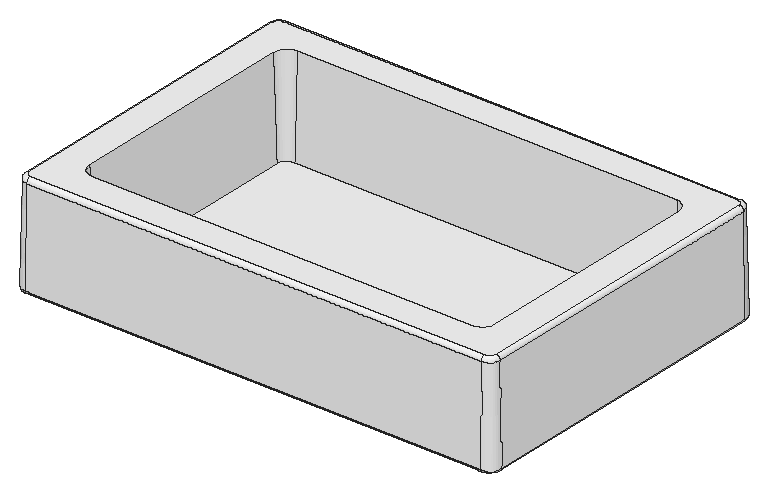
Revit family "NLRS_74_PF_UN_wastafel_S8VR1018000_SPHINX_BCB", category Plumbing Fixtures, Revit 2016
Family settings
  Part Type = Normal
  Round Connector Dimension = Use Radius
  OmniClass Number = 23.45.00.00
  OmniClass Title = Sanitary, Laundry, and Cleaning Equipment
  Work Plane-Based = No
  Always vertical = Yes
  Cut with Voids When Loaded = No
  Shared = No
  Room Calculation Point = No
Parameters
  NLRS_C_type = "Wastafel zonder kraangat en overloop"
  NLRS_C_serie = "300 Varicor"
  NLRS_C_revit_versie = "2016"
  NLRS_C_content_versie = "2.0"
  NLRS_C_content_provider = "BouwConnect"
  NLRS_C_content_datum_uitgifte = "APR-2018"
  NLRS_C_content_datum_gewijzigd = "APR-2018"
  NLRS_C_content_creator = "BouwConnect"
  NLRS_C_URL_product_data = "http://www.sphinx.nl/producten/wastafels-%7C-fonteinen/inbouwwastafels/sphinx-300-varicor-%7C-opzetwastafel-hc-574-cm/28476/"
  Waste Connection = yes
  WFU = 0
  URL = "http://www.sphinx.nl/"
  Type Comments = ""
  NLRS_S_gewicht = 13.00 kg
  NLRS_C_materiaal = none
  NLRS_C_lengte = 395 mm
  NLRS_C_hoogte = 122 mm
  NLRS_C_diameter_uit = 45 mm
  NLRS_C_diameter_in = 35 mm
  NLRS_C_breedte = 574 mm
  Model = "Varicor opbouwwastafel HC 57,4"  # constant formula
  Manufacturer = "Sphinx"  # constant formula
  Keynote = ""
  IfcTypeProduct = "IfcSanitaryTerminalType"
  IfcExportType = "SINK"
  IfcExportAs = "IfcSanitaryTerminalTypeEnum"
  IfcElement = "IfcFlowTerminal"
  NLRS_C_code_EAN = "8711754390522"
  Description = "wastafel"
  CWFU = 0
  NLRS_C_URL_BCB = "http://bcb-online.nl/?zoekterm=Sphinx+++%5bGeberit+B.V.%5d"
  Assembly Code = "47.11"
Reference planes
  plane 1 "Center (Front/Back)": y = 0
  plane 2: z = 0
  plane 3 "Center (Left/Right)": x = 0
Forms (mm)
  Sweep 1, solid, material "74_porcelein_wit", detail levels medium+fine
    path origin (0, 0, 0) x (1, 0, 0) y (0, 1, 0)
      loop
        arc (-287, -183) -> (-282.899, -192.899) -> (-273, -197) r 14
        line (-273, -197) -> (273, -197)
        arc (273, -197) -> (282.899, -192.899) -> (287, -183) r 14
        line (287, -183) -> (287, 183)
        arc (287, 183) -> (282.899, 192.899) -> (273, 197) r 14
        line (273, 197) -> (-273, 197)
        arc (-273, 197) -> (-282.899, 192.899) -> (-287, 183) r 14
        line (-287, 183) -> (-287, -183)
    profile origin (-287, 0, 0) x (-1, 0, 0) y (0, 0, 1)
      loop
        line (-13.911, 121.971) -> (-13.911, 0) -> (-1, 0)
        arc (-1, 0) -> (-0.287, 0.299) -> (0, 1.016) r 1
        line (0, 1.016) -> (-1.911, 117.053)
        arc (-1.911, 117.053) -> (-3.404, 120.535) -> (-6.911, 121.971) r 5
        line (-6.911, 121.971) -> (-13.911, 121.971)
  Extrusion 2, solid, material "74_porcelein_wit", detail levels medium+fine
    sketch origin (0, 0, 0) x (1, 0, 0) y (0, 1, 0)
      loop
        arc (-278.522, -183) -> (-276.904, -186.904) -> (-273, -188.522) r 5.522
        line (-273, -188.522) -> (273, -188.522)
        arc (273, -188.522) -> (276.904, -186.904) -> (278.522, -183) r 5.522
        line (278.522, -183) -> (278.522, 183)
        arc (278.522, 183) -> (276.904, 186.904) -> (273, 188.522) r 5.522
        line (273, 188.522) -> (-273, 188.522)
        arc (-273, 188.522) -> (-276.904, 186.904) -> (-278.522, 183) r 5.522
        line (-278.522, 183) -> (-278.522, -183)
    from 0 to 121.971
  Blend 3, void, detail levels medium+fine
    base sketch origin (0, 0, 0) x (1, 0, 0) y (0, 1, 0)
      loop
        arc (-240, -138) -> (-236.485, -146.485) -> (-228, -150) r 12
        line (-228, -150) -> (228, -150)
        arc (228, -150) -> (236.485, -146.485) -> (240, -138) r 12
        line (240, -138) -> (240, 138)
        arc (240, 138) -> (236.485, 146.485) -> (228, 150) r 12
        line (228, 150) -> (-228, 150)
        arc (-228, 150) -> (-236.485, 146.485) -> (-240, 138) r 12
        line (-240, 138) -> (-240, -138)
    top sketch origin (0, 0, 0) x (1, 0, 0) y (0, 1, 0)
      loop
        arc (-228, 154) -> (-239.314, 149.314) -> (-244, 138) r 16
        line (-244, 138) -> (-244, -138)
        arc (-244, -138) -> (-239.314, -149.314) -> (-228, -154) r 16
        line (-228, -154) -> (228, -154)
        arc (228, -154) -> (239.314, -149.314) -> (244, -138) r 16
        line (244, -138) -> (244, 138)
        arc (244, 138) -> (239.314, 149.314) -> (228, 154) r 16
        line (228, 154) -> (-228, 154)
    from 4 to 126
  Revolve 4, solid, material "74_porcelein_wit", detail levels medium+fine
    sketch origin (0, 0, 0) x (1, 0, 0) y (0, 0, 1)
      loop
        line (0, -32.422) -> (0, -0.002) -> (-103.419, -0.002)
        arc (-103.419, -0.002) -> (-99.561, -2.145) -> (-97.089, -5.8) r 9.5
        arc (-97.089, -5.8) -> (-90.754, -14.719) -> (-80.851, -19.368) r 21.509
        arc (-80.851, -19.368) -> (-79.166, -19.611) -> (-77.466, -19.723) r 21.989
        line (-77.466, -19.723) -> (-52.803, -20.386)
        arc (-52.803, -20.386) -> (-50.627, -21.228) -> (-49.474, -23.257) r 3.475
        line (-49.474, -23.257) -> (-48.805, -27.051)
        arc (-48.805, -27.051) -> (-46.582, -30.901) -> (-42.404, -32.422) r 6.5
        line (-42.404, -32.422) -> (0, -32.422)
      axis (0, -0.002) -> (0, -32.422)
    angle from 0 to 360
  Extrusion 5, void, detail levels medium+fine
    sketch origin (0, 0, 0) x (1, 0, 0) y (0, 1, 0)
      loop
        circle (0, 0) r 25
    from -65.462 to 24.011
  Extrusion 6, solid, material "74_porcelein_wit", detail levels coarse
    sketch origin (-767.56, 1.901, 0) x (1, 0, 0) y (0, 1, 0)
      loop
        arc (494.56, 195.099) -> (484.661, 190.998) -> (480.56, 181.099) r 14
        line (480.56, 181.099) -> (480.56, -184.901)
        arc (480.56, -184.901) -> (484.661, -194.801) -> (494.56, -198.901) r 14
        line (494.56, -198.901) -> (1040.56, -198.901)
        arc (1040.56, -198.901) -> (1050.46, -194.801) -> (1054.56, -184.901) r 14
        line (1054.56, -184.901) -> (1054.56, 181.099)
        arc (1054.56, 181.099) -> (1050.46, 190.998) -> (1040.56, 195.099) r 14
        line (1040.56, 195.099) -> (494.56, 195.099)
    from 0 to 121.971
  Extrusion 7, void, detail levels coarse
    sketch origin (-1000, 0, 0) x (1, 0, 0) y (0, 1, 0)
      loop
        line (756.132, 138.868) -> (756.132, -138.868)
        arc (756.132, -138.868) -> (760.526, -149.474) -> (771.132, -153.868) r 15
        line (771.132, -153.868) -> (1228.868, -153.868)
        arc (1228.868, -153.868) -> (1239.474, -149.474) -> (1243.868, -138.868) r 15
        line (1243.868, -138.868) -> (1243.868, 138.868)
        arc (1243.868, 138.868) -> (1239.474, 149.474) -> (1228.868, 153.868) r 15
        line (1228.868, 153.868) -> (771.132, 153.868)
        arc (771.132, 153.868) -> (760.526, 149.474) -> (756.132, 138.868) r 15
    from 6 to 199.426
  Extrusion 8, solid, not visible, detail levels medium+fine
    sketch origin (0, 0, -32.422) x (1, 0, 0) y (0, 1, 0)
      loop
        circle (0, 0) r 22.5
    from 0 to 5
Cuts and joins
  Blend 3 cuts Extrusion 2
  joined: Sweep 1, Extrusion 2
  Extrusion 5 cuts Revolve 4
  Extrusion 7 cuts Extrusion 6
Dimensions and locks
  aligned and locked: level to plane 2
Connectors
  piping at (0, 0, -32.422), diameter 50, driven by "WFU"
    settings: on Extrusion 8, index 1, connector inside diameter 50 mm, connector length 0 mm, flow factor 0, pipe flow 0.0 L/s, pressure drop 0.0 Pa, fitting loss kfactor 0, connector angle 0.00°, fixture units 0, engagement length 0 mm, angle of deflection 0.00°, flow configuration 3, flow direction 2, fitting loss method 0, system type 16, joint type 0, gender type 0, connector reference index -1, connector utility 0, adjustable connector no, is connector primary yes, connector description "out"
